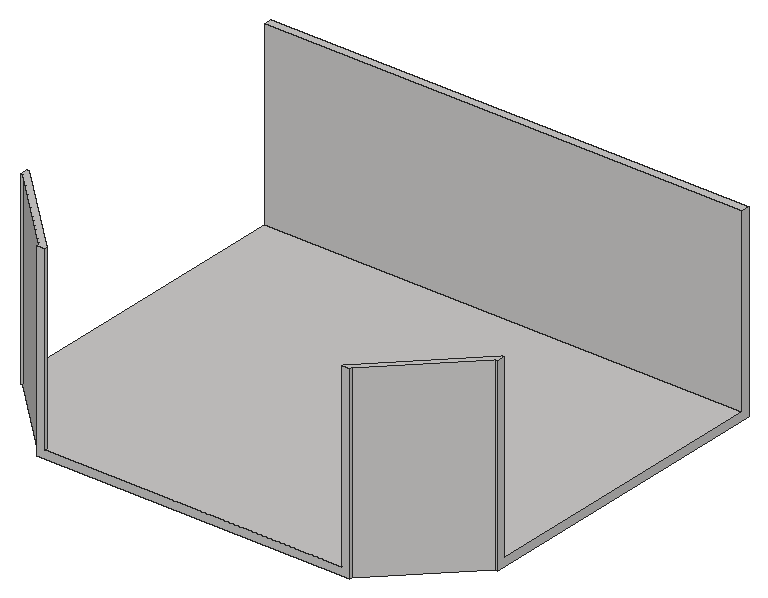
Revit family "Cable_Tray_Fitting-Solid_Tray-OBO_Bettermann-Channel_Horizontal_Tee-MKS", category Cable Tray Fittings, Revit 2012
Parameters (values of type "Hot Dipped Galvanised")
  URL = "http://www.obo-bettermann.com/"
  Tray Connector 3 Location [instance] = if(Tray Width 3 > 399.9 mm, (Tray Width 3 / 2) + 255 mm, (Tray Width 3 / 2) + 26.2 mm)  # 76.2 mm
  Tray Connector2 Location [instance] = if(Tray Width 1 > 399.9 mm, (Tray Width 1 / 2) + 255 mm, (Tray Width 1 / 2) + 26.2 mm)  # 76.2 mm
  Tray Connector 1 Location [instance] = if(Tray Width 1 > 399.9 mm, (Tray Width 1 / 2) + 255 mm, (Tray Width 1 / 2) + 26.2 mm)  # 76.2 mm
  Tray Width 3 [instance] = 100 mm
  Tray Width 1 [instance] = 100 mm
  Tray Length [instance] = 0.794 mm
  Tray Height [instance] = 60 mm
  built-in parameter 1140111 [instance] = 2.58 mm
  Small Tray Tee [instance] = not(Large Tray Tee)  # yes
  Radius = 25.4 mm
  Product Page URL = "http://catalog2.obo-bettermann.com/catalogue/catalogue.do?favOid=kts_315277&act=showIO&lang=en&action=start&catId=KTS&forward=showSolutionView"
  Product Documentation Link = ""
  Pre Galvanized = no
  Model = "MKS"
  Manufacturer = "OBO Bettermann"
  Large Tray Tee [instance] = (Tray Width 1 > 399.9 mm)  # no
  Description = "Solid Cable tray"
  Connector Description 3 = "Connector for Cable Tray 3"  # constant formula
  Connector Description 2 = "Connector for Cable Tray 2"  # constant formula
  Connector Description = "Connector for Cable Tray 1"  # constant formula
  Classification = "Refer to online catalog for UL and cUL classifed sizes and wire sizes."
  Cable Tray Material = Metal - OBO Bettermann - Hot-Dipped-Galvanised
  Assembly Code = "D5030600"
Types (2, lengths in mm): name | Tray Connector 3 Location | Tray Connector2 Location | Tray Connector 1 Location | Tray Width 3 | Tray Width 1 | Cable Tray Material
  Stripped Galvanised | 126.2 | 126.2 | 126.2 | 200 | 200 | Metal - OBO Bettermann - Strip-Galvanised
  Hot Dipped Galvanised | 76.2 | 76.2 | 76.2 | 100 | 100 | Metal - OBO Bettermann - Hot-Dipped-Galvanised
Reference planes
  plane 1 "Center (Front/Back)": y = 0
  plane 2: z = 0
  plane 3 "Center (Left/Right)": x = 0
  plane 4: y = 50
  plane 5: y = -50
  plane 6: z = 30
  plane 7: z = -30
  plane 8: y = -75.4
  plane 9: x = -50
  plane 10: x = 50
  plane 11: x = -75.4
  plane 12: x = 75.4
  plane 13: y = -47.42
  plane 14: y = 47.42
  plane 15: y = -76.194
  plane 16: x = -47.42
  plane 17: x = 47.42
  plane 18: x = -76.194
  plane 19: x = 76.194
  plane 20: z = -27.42
  plane 21 "Tray Connector Left": x = -76.2
  plane 22 "Tray Connector Right": x = 76.2
  plane 23 "Tray Connector Branch": y = -76.2
Lines and regions (mm)
  model lines, style "Coarse View", detail levels coarse
    curve 1: line (-76.194, 0, 0) -> (76.194, 0, 0)
    curve 2: line (0, 0, 0) -> (0, -76.194, 0)
Dimensions and locks
  equal spacing: plane 4, plane 1 "Center (Front/Back)", plane 5
  "Tray Width 1": plane 4 to plane 5
  equal spacing: plane 6, plane 2, plane 7
  "Tray Height": plane 6 to plane 7
  plane 5 to plane 8 = 25.4 mm
  equal spacing: plane 9, plane 3 "Center (Left/Right)", plane 10
  "Tray Width 3": plane 9 to plane 10
  plane 11 to plane 9 = 25.4 mm
  plane 10 to plane 12 = 25.4 mm
  "built-in parameter 1140111": plane 13 to plane 5
  "built-in parameter 1140111": plane 4 to plane 14
  "Tray Length": plane 8 to plane 15
  "built-in parameter 1140111": plane 9 to plane 16
  "built-in parameter 1140111": plane 17 to plane 10
  "Tray Length": plane 18 to plane 11
  "Tray Length": plane 12 to plane 19
  "built-in parameter 1140111": plane 20 to plane 7
  "Tray Connector2 Location": plane 3 "Center (Left/Right)" to plane 22 "Tray Connector Right"
  "Tray Connector 3 Location": plane 23 "Tray Connector Branch" to plane 1 "Center (Front/Back)"
  "Tray Connector 1 Location": plane 21 "Tray Connector Left" to plane 3 "Center (Left/Right)"
  aligned and locked: plane 19 to curve 1
  aligned and locked: plane 18 to curve 1
  aligned and locked: plane 1 "Center (Front/Back)" to curve 1
  aligned and locked: plane 15 to curve 2
  aligned and locked: plane 1 "Center (Front/Back)" to curve 2
  aligned and locked: curve 2 to plane 3 "Center (Left/Right)"
  aligned and locked: plane 4 to nested 1
  aligned and locked: nested 1 to plane 5
  aligned and locked: nested 1 to plane 9
  aligned and locked: plane 10 to nested 1
  aligned and locked: plane 4 to nested 2
  aligned and locked: nested 2 to plane 18
  aligned and locked: plane 19 to nested 2
Nested families
  nested 1: "Cable_Tray_Fitting-Solid_Tray-OBO_Bettermann-Channel_Horizontal_Tee_400-600-MKS" at (0, 0, 0), Tray Width 3 <- "Tray Width 1", Tray Width 1 <- "Tray Width 1", Tray Height <- "Tray Height", visible <- "Large Tray Tee", built-in parameter 1140111 <- "built-in parameter 1140111", type "Stripped Galvanised"
    with Tray Width Overall 610 mm, Tray Width 3 100 mm, Tray Width 1 100 mm, Tray Height 60 mm, built-in parameter 1140111 2.58 mm
  nested 2: "Cable_Tray_Fitting-Solid_Tray-OBO_Bettermann-Channel_Horizontal_Tee_100-300-MKS" at (0, 0, 0), Tray Width 3 <- "Tray Width 3", Tray Width 1 <- "Tray Width 1", Tray Height <- "Tray Height", built-in parameter 1140111 <- "built-in parameter 1140111", visible <- "Small Tray Tee", type "Stripped Galvanised"
    with Tray Width 3 100 mm, Tray Width 1 100 mm, Tray Length 0.794 mm, Tray Height 60 mm, built-in parameter 1140111 2.58 mm, Radius Label 1 27.98 mm, Radius Label 25.4 mm
Connectors
  cabletrayconduit at (76.2, 0, 0), driven by "Tray Width 1", driven by "Tray Height", driven by "Connector Description 2"
    settings: index 1, connector width 100 mm, connector height 60 mm, connector radius 300 mm, connector angle 0.00°, system type 32, placement type 0, profile type 1, connector reference index -1, is primary connector yes, connector utility param no, connector description "Connector for Cable Tray 2"
  cabletrayconduit at (-76.2, 0, 0), driven by "Tray Height", driven by "Tray Width 1", driven by "Connector Description"
    settings: index 2, connector width 100 mm, connector height 60 mm, connector radius 300 mm, connector angle 0.00°, system type 32, placement type 0, profile type 1, connector reference index -1, is primary connector no, connector utility param no, connector description "Connector for Cable Tray 1"
  cabletrayconduit at (0, -76.2, 0), driven by "Tray Width 3", driven by "Tray Height", driven by "Connector Description 3"
    settings: index 3, connector width 100 mm, connector height 60 mm, connector radius 300 mm, connector angle 0.00°, system type 32, placement type 0, profile type 1, connector reference index -1, is primary connector no, connector utility param no, connector description "Connector for Cable Tray 3"
Definition of nested family "Cable_Tray_Fitting-Solid_Tray-OBO_Bettermann-Channel_Horizontal_Tee_400-600-MKS"
  Parameters (values of type "Stripped Galvanised")
    URL = "http://www.obo-bettermann.com/"
    Tray Width Overall [instance] = Tray Width 3 + 510 mm  # 910 mm
    Tray Width 3 [instance] = 400 mm
    Tray Width 1 [instance] = 400 mm
    Tray Height [instance] = 60 mm
    built-in parameter 1140111 [instance] = 2.58 mm
    Radius Label 1 = Radius Label + 2.6 mm  # 152.6 mm
    Radius Label = 150 mm
    Product Page URL = "http://catalog2.obo-bettermann.com/catalogue/catalogue.do?favOid=kts_315277&act=showIO&lang=en&action=start&catId=KTS&forward=showSolutionView"
    Product Documentation Link = ""
    Pre Galvanized = no
    Model = "MKS"
    Manufacturer = "OBO Bettermann"
    Description = "Cable tray"
    Connector Description 3 = "Connector for Cable Tray 3"  # constant formula
    Connector Description 2 = "Connector for Cable Tray 2"  # constant formula
    Connector Description = "Connector for Cable Tray 1"  # constant formula
    Classification = "Refer to nline catalog for UL and cUL classifed sizes and wire sizes."
    Cable Tray Material = Metal - OBO Bettermann - Strip-Galvanised
    Assembly Code = "D5030600"
  Types (2, lengths in mm): name | Tray Width Overall | Tray Width 3 | Tray Width 1 | Cable Tray Material
    Stripped Galvanised | 910 | 400 | 400 | Metal - OBO Bettermann - Strip-Galvanised
    Steel | 610 | 100 | 100 | Metal - OBO Bettermann - Hot-Dipped-Galvanised
  Reference planes
    plane 1 "Center (Front/Back)": y = 0
    plane 2: z = 0
    plane 3 "Center (Left/Right)": x = 0
    plane 4: y = 200
    plane 5: y = -200
    plane 6: z = 30
    plane 7: z = -30
    plane 8: x = -200
    plane 9: x = 200
    plane 10: y = -197.42
    plane 11: y = 197.42
    plane 12: y = -455
    plane 13: x = -197.42
    plane 14: x = 197.42
    plane 15: z = -27.42
    plane 16: x = -455
    plane 17: x = 455
  Forms (mm)
    Extrusion 1, solid, material "Metal - OBO Bettermann - Strip-Galvanised" <- "Cable Tray Material", detail levels fine
      sketch origin (0, 0, 0) x (1, 0, 0) y (0, 1, 0)
        loop
          line (-455, -197.42) -> (-455, -200) -> (-350, -200)
          arc (-350, -200) -> (-243.934, -243.934) -> (-200, -350) r 150
          line (-200, -350) -> (-200, -455) -> (-197.42, -455) -> (-197.42, -347.51)
          arc (-197.42, -347.51) -> (-242.096, -242.096) -> (-347.51, -197.42) r 152.6
          line (-347.51, -197.42) -> (-455, -197.42)
        loop
          line (350, -200) -> (455, -200) -> (455, -197.42) -> (347.51, -197.42)
          arc (347.51, -197.42) -> (242.096, -242.096) -> (197.42, -347.51) r 152.6
          line (197.42, -347.51) -> (197.42, -455) -> (200, -455) -> (200, -350)
          arc (200, -350) -> (243.934, -243.934) -> (350, -200) r 150
        loop
          line (-455, 200) -> (-455, 197.42) -> (455, 197.42) -> (455, 200) -> (-455, 200)
      from -30 to 30
    Extrusion 2, solid, material "Metal - OBO Bettermann - Strip-Galvanised" <- "Cable Tray Material", detail levels fine
      sketch origin (0, 0, 0) x (1, 0, 0) y (0, 1, 0)
        loop
          line (-455, -200) -> (-350, -200)
          arc (-350, -200) -> (-243.934, -243.934) -> (-200, -350) r 150
          line (-200, -350) -> (-200, -455) -> (200, -455) -> (200, -350)
          arc (200, -350) -> (243.934, -243.934) -> (350, -200) r 150
          line (350, -200) -> (455, -200) -> (455, 200) -> (-455, 200) -> (-455, -200)
      from -30 to -27.42
    Extrusion 3, solid, material "Metal - OBO Bettermann - Strip-Galvanised" <- "Cable Tray Material", detail levels medium
      sketch origin (0, 0, 0) x (1, 0, 0) y (0, 1, 0)
        loop
          line (-455, 200) -> (-455, -200) -> (-350, -200)
          arc (-350, -200) -> (-243.934, -243.934) -> (-200, -350) r 150
          line (-200, -350) -> (-200, -455) -> (200, -455) -> (200, -350)
          arc (200, -350) -> (243.934, -243.934) -> (350, -200) r 150
          line (350, -200) -> (455, -200) -> (455, 200) -> (-455, 200)
      from -30 to 30
  Cuts and joins
    joined: Extrusion 1, Extrusion 2
  Lines and regions (mm)
    model lines, style "Coarse View", detail levels coarse
      curve 1: line (-380, 0, 0) -> (350, 0, 0)
      curve 2: line (0, 0, 0) -> (0, -455, 0)
  Dimensions and locks
    equal spacing: plane 4, plane 1 "Center (Front/Back)", plane 5
    "Tray Width 1": plane 4 to plane 5
    equal spacing: plane 6, plane 2, plane 7
    "Tray Height": plane 6 to plane 7
    equal spacing: plane 8, plane 3 "Center (Left/Right)", plane 9  (x2)
    "Tray Width 3": plane 8 to plane 9
    "built-in parameter 1140111": plane 10 to plane 5
    "built-in parameter 1140111": plane 4 to plane 11
    locked: plane 5 to plane 12 at 255
    "built-in parameter 1140111": plane 8 to plane 13
    "built-in parameter 1140111": plane 14 to plane 9
    "built-in parameter 1140111": plane 15 to plane 7
    locked: plane 16 to plane 8 at 255
    locked: plane 9 to plane 17 at 255
    equal spacing: plane 16, plane 3 "Center (Left/Right)", plane 17
    "Radius Label": radius of Extrusion 3 sketch curve  (x2)
    "Radius Label": radius of Extrusion 1 sketch curve  (x2)
    "Radius Label 1": radius of Extrusion 1 sketch curve  (x2)
    "Radius Label": radius of Extrusion 2 sketch curve  (x2)
    aligned and locked: Extrusion 1 sketch curve to plane 10
    aligned and locked: Extrusion 1 sketch curve to plane 5
    aligned and locked: Extrusion 1 sketch curve to plane 8
    aligned and locked: plane 12 to Extrusion 1 sketch curve  (x2)
    aligned and locked: Extrusion 1 sketch curve to plane 13
    aligned and locked: plane 13 to Extrusion 1 sketch curve
    aligned and locked: plane 8 to Extrusion 1 sketch curve
    aligned and locked: Extrusion 1 sketch curve to plane 12  (x2)
    aligned and locked: Extrusion 1 to plane 7
    aligned and locked: plane 6 to Extrusion 1
    aligned and locked: plane 5 to Extrusion 1 sketch curve
    aligned and locked: plane 10 to Extrusion 1 sketch curve
    aligned and locked: Extrusion 1 sketch curve to plane 14
    aligned and locked: Extrusion 1 sketch curve to plane 9
    aligned and locked: plane 9 to Extrusion 1 sketch curve
    aligned and locked: plane 14 to Extrusion 1 sketch curve
    aligned and locked: plane 11 to Extrusion 1 sketch curve
    aligned and locked: Extrusion 1 sketch curve to plane 4
    aligned and locked: Extrusion 2 sketch curve to plane 5
    aligned and locked: Extrusion 2 sketch curve to plane 4
    aligned and locked: plane 4 to Extrusion 2 sketch curve
    aligned and locked: plane 5 to Extrusion 2 sketch curve
    aligned and locked: plane 12 to Extrusion 2 sketch curve
    aligned and locked: plane 9 to Extrusion 2 sketch curve
    aligned and locked: plane 8 to Extrusion 2 sketch curve
    aligned and locked: Extrusion 2 sketch curve to plane 12
    aligned and locked: Extrusion 2 to plane 7
    aligned and locked: plane 15 to Extrusion 2
    aligned and locked: Extrusion 3 sketch curve to plane 5  (x2)
    aligned and locked: plane 4 to Extrusion 3 sketch curve  (x2)
    aligned and locked: plane 5 to Extrusion 3 sketch curve
    aligned and locked: plane 12 to Extrusion 3 sketch curve
    aligned and locked: Extrusion 3 sketch curve to plane 9
    aligned and locked: plane 9 to Extrusion 3 sketch curve
    aligned and locked: plane 8 to Extrusion 3 sketch curve
    aligned and locked: Extrusion 3 sketch curve to plane 12
    aligned and locked: Extrusion 3 to plane 7
    aligned and locked: plane 6 to Extrusion 3
    aligned and locked: plane 1 "Center (Front/Back)" to curve 1
    aligned and locked: plane 12 to curve 2
    aligned and locked: plane 1 "Center (Front/Back)" to curve 2
    aligned and locked: curve 2 to plane 3 "Center (Left/Right)"
    aligned and locked: plane 16 to Extrusion 3
    aligned and locked: plane 16 to cut or joined group of Extrusion 1, Extrusion 2
    aligned and locked: plane 17 to Extrusion 3
    aligned and locked: cut or joined group of Extrusion 1, Extrusion 2 to Extrusion 3
  Automatic sketch dimensions
    Extrusion 1 sketch curve to Extrusion 1 sketch curve = 0 mm  (x4)
    Extrusion 1 sketch curve to Extrusion 1 sketch curve = 105 mm  (x2)
    Extrusion 1 sketch curve to plane 8 = 255 mm
    Extrusion 2 sketch curve to Extrusion 2 sketch curve = 105 mm  (x2)
    Extrusion 3 sketch curve to plane 8 = 255 mm
    plane 9 to Extrusion 1 sketch curve = 255 mm
    plane 9 to Extrusion 3 sketch curve = 255 mm
    curve 1 to plane 16 = 75 mm
    plane 17 to curve 1 = 105 mm
  Connectors
    cabletrayconduit at (-455, 0, 0), driven by "Tray Height", driven by "Tray Width 1", driven by "Connector Description"
      settings: on Extrusion 3, index 1, connector width 400 mm, connector height 60 mm, connector radius 304.8 mm, connector angle 0.00°, system type 32, placement type 0, profile type 1, connector reference index 2, is primary connector yes, connector utility param no, connector description "Connector for Cable Tray 1"
    cabletrayconduit at (455, 0, 0), driven by "Tray Height", driven by "Tray Width 1", driven by "Connector Description 2"
      settings: on Extrusion 3, index 2, connector width 400 mm, connector height 60 mm, connector radius 304.8 mm, connector angle 0.00°, system type 32, placement type 0, profile type 1, connector reference index 1, is primary connector no, connector utility param no, connector description "Connector for Cable Tray 2"
    cabletrayconduit at (0, -455, 0), driven by "Tray Height", driven by "Tray Width 3", driven by "Connector Description 3"
      settings: on Extrusion 3, index 3, connector width 400 mm, connector height 60 mm, connector radius 304.8 mm, connector angle 0.00°, system type 32, placement type 0, profile type 1, connector reference index -1, is primary connector no, connector utility param no, connector description "Connector for Cable Tray 3"
Definition of nested family "Cable_Tray_Fitting-Solid_Tray-OBO_Bettermann-Channel_Horizontal_Tee_100-300-MKS"
  Parameters (values of type "Stripped Galvanised")
    URL = "http://www.obo-bettermann.com/"
    Tray Width 3 [instance] = 100 mm
    Tray Width 1 [instance] = 100 mm
    Tray Length [instance] = 0.794 mm
    Tray Height [instance] = 60 mm
    built-in parameter 1140111 [instance] = 2.58 mm
    Radius Label 1 [instance] = Radius Label + [built-in parameter 1140111]  # 27.98 mm
    Radius Label [instance] = Radius  # 25.4 mm
    Radius = 25.4 mm
    Product Page URL = "http://catalog2.obo-bettermann.com/catalogue/catalogue.do?favOid=kts_315277&act=showIO&lang=en&action=start&catId=KTS&forward=showSolutionView"
    Product Documentation Link = ""
    Pre Galvanized = no
    Model = "MKS"
    Manufacturer = "OBO Bettermann"
    Description = "Cable tray"
    Connector Description 3 = "Connector for Cable Tray 3"  # constant formula
    Connector Description 2 = "Connector for Cable Tray 2"  # constant formula
    Connector Description = "Connector for Cable Tray 1"  # constant formula
    Classification = "Refer to nline catalog for UL and cUL classifed sizes and wire sizes."
    Cable Tray Material = Metal - OBO Bettermann - Strip-Galvanised
    Assembly Code = "D5030600"
  Types (2, lengths in mm): name | Cable Tray Material
    Stripped Galvanised | Metal - OBO Bettermann - Strip-Galvanised
    Steel | Metal - OBO Bettermann - Hot-Dipped-Galvanised
  Reference planes
    plane 1 "Center (Front/Back)": y = 0
    plane 2: z = 0
    plane 3 "Center (Left/Right)": x = 0
    plane 4: y = 50
    plane 5: y = -50
    plane 6: z = 30
    plane 7: z = -30
    plane 8: y = -75.4
    plane 9: x = -50
    plane 10: x = 50
    plane 11: x = -75.4
    plane 12: x = 75.4
    plane 13: y = -47.42
    plane 14: y = 47.42
    plane 15: y = -76.194
    plane 16: x = -47.42
    plane 17: x = 47.42
    plane 18: x = -76.194
    plane 19: x = 76.194
    plane 20: z = -27.42
  Forms (mm)
    Extrusion 1, solid, material "Metal - OBO Bettermann - Strip-Galvanised" <- "Cable Tray Material", detail levels fine
      sketch origin (0, 0, 0) x (1, 0, 0) y (0, 1, 0)
        loop
          line (-76.194, -47.42) -> (-76.194, -50) -> (-75.4, -50) -> (-50, -75.4) -> (-50, -76.194) -> (-47.42, -76.194) -> (-47.42, -75.4) -> (-75.4, -47.42) -> (-76.194, -47.42)
        loop
          line (75.4, -50) -> (76.194, -50) -> (76.194, -47.42) -> (75.4, -47.42) -> (47.42, -75.4) -> (47.42, -76.194) -> (50, -76.194) -> (50, -75.4) -> (75.4, -50)
        loop
          line (-76.194, 50) -> (-76.194, 47.42) -> (76.194, 47.42) -> (76.194, 50) -> (-76.194, 50)
      from -30 to 30
    Extrusion 2, solid, material "Metal - OBO Bettermann - Strip-Galvanised" <- "Cable Tray Material", detail levels fine
      sketch origin (0, 0, 0) x (1, 0, 0) y (0, 1, 0)
        loop
          line (-76.194, -50) -> (-75.4, -50) -> (-50, -75.4) -> (-50, -76.194) -> (50, -76.194) -> (50, -75.4) -> (75.4, -50) -> (76.194, -50) -> (76.194, 50) -> (-76.194, 50) -> (-76.194, -50)
      from -30 to -27.42
    Extrusion 3, solid, material "Metal - OBO Bettermann - Strip-Galvanised" <- "Cable Tray Material", detail levels medium
      sketch origin (0, 0, 0) x (1, 0, 0) y (0, 1, 0)
        loop
          line (-76.194, 50) -> (-76.194, -50) -> (-75.4, -50) -> (-50, -75.4) -> (-50, -76.194) -> (50, -76.194) -> (50, -75.4) -> (75.4, -50) -> (76.194, -50) -> (76.194, 50) -> (-76.194, 50)
      from -30 to 30
  Cuts and joins
    joined: Extrusion 1, Extrusion 2
  Lines and regions (mm)
    model lines, style "Coarse View", detail levels coarse
      curve 1: line (-76.194, 0, 0) -> (76.194, 0, 0)
      curve 2: line (0, 0, 0) -> (0, -76.194, 0)
  Dimensions and locks
    equal spacing: plane 4, plane 1 "Center (Front/Back)", plane 5
    "Tray Width 1": plane 4 to plane 5
    equal spacing: plane 6, plane 2, plane 7
    "Tray Height": plane 6 to plane 7
    "Radius Label": plane 5 to plane 8
    equal spacing: plane 9, plane 3 "Center (Left/Right)", plane 10
    "Tray Width 3": plane 9 to plane 10
    "Radius Label": plane 11 to plane 9
    "Radius Label": plane 10 to plane 12
    "built-in parameter 1140111": plane 13 to plane 5
    "built-in parameter 1140111": plane 4 to plane 14
    "Tray Length": plane 8 to plane 15
    "built-in parameter 1140111": plane 9 to plane 16
    "built-in parameter 1140111": plane 17 to plane 10
    "Tray Length": plane 18 to plane 11
    "Tray Length": plane 12 to plane 19
    "built-in parameter 1140111": plane 20 to plane 7
    aligned and locked: plane 11 to Extrusion 1 sketch curve  (x2)
    aligned and locked: Extrusion 1 sketch curve to plane 13
    aligned and locked: plane 18 to Extrusion 1 sketch curve  (x2)
    aligned and locked: Extrusion 1 sketch curve to plane 5
    aligned and locked: plane 8 to Extrusion 1 sketch curve  (x4)
    aligned and locked: Extrusion 1 sketch curve to plane 9
    aligned and locked: plane 15 to Extrusion 1 sketch curve  (x2)
    aligned and locked: Extrusion 1 sketch curve to plane 16
    aligned and locked: plane 16 to Extrusion 1 sketch curve
    aligned and locked: plane 9 to Extrusion 1 sketch curve
    aligned and locked: Extrusion 1 sketch curve to plane 15  (x2)
    aligned and locked: Extrusion 1 sketch curve to plane 18
    aligned and locked: Extrusion 1 to plane 7
    aligned and locked: plane 6 to Extrusion 1
    aligned and locked: plane 12 to Extrusion 1 sketch curve  (x2)
    aligned and locked: plane 19 to Extrusion 1 sketch curve
    aligned and locked: plane 5 to Extrusion 1 sketch curve
    aligned and locked: plane 13 to Extrusion 1 sketch curve
    aligned and locked: Extrusion 1 sketch curve to plane 19  (x2)
    aligned and locked: Extrusion 1 sketch curve to plane 17
    aligned and locked: Extrusion 1 sketch curve to plane 10
    aligned and locked: plane 10 to Extrusion 1 sketch curve
    aligned and locked: plane 17 to Extrusion 1 sketch curve
    aligned and locked: plane 14 to Extrusion 1 sketch curve
    aligned and locked: Extrusion 1 sketch curve to plane 4
    aligned and locked: plane 18 to Extrusion 2 sketch curve
    aligned and locked: plane 11 to Extrusion 2 sketch curve
    aligned and locked: Extrusion 2 sketch curve to plane 5
    aligned and locked: Extrusion 2 sketch curve to plane 18
    aligned and locked: plane 19 to Extrusion 2 sketch curve  (x2)
    aligned and locked: Extrusion 2 sketch curve to plane 4
    aligned and locked: plane 4 to Extrusion 2 sketch curve
    aligned and locked: plane 5 to Extrusion 2 sketch curve
    aligned and locked: plane 12 to Extrusion 2 sketch curve
    aligned and locked: plane 15 to Extrusion 2 sketch curve
    aligned and locked: plane 8 to Extrusion 2 sketch curve
    aligned and locked: plane 10 to Extrusion 2 sketch curve
    aligned and locked: plane 9 to Extrusion 2 sketch curve
    aligned and locked: Extrusion 2 sketch curve to plane 15
    aligned and locked: Extrusion 2 to plane 7
    aligned and locked: plane 20 to Extrusion 2
    aligned and locked: plane 18 to Extrusion 3 sketch curve
    aligned and locked: plane 11 to Extrusion 3 sketch curve
    aligned and locked: Extrusion 3 sketch curve to plane 5  (x2)
    aligned and locked: plane 4 to Extrusion 3 sketch curve  (x2)
    aligned and locked: Extrusion 3 sketch curve to plane 18
    aligned and locked: plane 5 to Extrusion 3 sketch curve
    aligned and locked: Extrusion 3 sketch curve to plane 19
    aligned and locked: plane 12 to Extrusion 3 sketch curve
    aligned and locked: plane 19 to Extrusion 3 sketch curve
    aligned and locked: plane 15 to Extrusion 3 sketch curve
    aligned and locked: Extrusion 3 sketch curve to plane 10
    aligned and locked: plane 8 to Extrusion 3 sketch curve
    aligned and locked: plane 10 to Extrusion 3 sketch curve
    aligned and locked: plane 9 to Extrusion 3 sketch curve
    aligned and locked: Extrusion 3 sketch curve to plane 15
    aligned and locked: Extrusion 3 to plane 7
    aligned and locked: plane 6 to Extrusion 3
    aligned and locked: plane 19 to curve 1
    aligned and locked: plane 18 to curve 1
    aligned and locked: plane 1 "Center (Front/Back)" to curve 1
    aligned and locked: plane 15 to curve 2
    aligned and locked: plane 1 "Center (Front/Back)" to curve 2
    aligned and locked: curve 2 to plane 3 "Center (Left/Right)"
  Automatic sketch dimensions
    Extrusion 2 sketch curve to plane 8 = 0 mm
    Extrusion 3 sketch curve to plane 8 = 0 mm
  Connectors
    cabletrayconduit at (-76.194, 0, 0), driven by "Tray Height", driven by "Tray Width 1", driven by "Connector Description"
      settings: on Extrusion 3, index 1, connector width 100 mm, connector height 60 mm, connector radius 304.8 mm, connector angle 0.00°, system type 32, placement type 0, profile type 1, connector reference index 2, is primary connector yes, connector utility param no, connector description "Connector for Cable Tray 1"
    cabletrayconduit at (76.194, 0, 0), driven by "Tray Height", driven by "Tray Width 1", driven by "Connector Description 2"
      settings: on Extrusion 3, index 2, connector width 100 mm, connector height 60 mm, connector radius 304.8 mm, connector angle 0.00°, system type 32, placement type 0, profile type 1, connector reference index 1, is primary connector no, connector utility param no, connector description "Connector for Cable Tray 2"
    cabletrayconduit at (0, -76.194, 0), driven by "Tray Height", driven by "Tray Width 3", driven by "Connector Description 3"
      settings: on Extrusion 3, index 3, connector width 100 mm, connector height 60 mm, connector radius 304.8 mm, connector angle 0.00°, system type 32, placement type 0, profile type 1, connector reference index -1, is primary connector no, connector utility param no, connector description "Connector for Cable Tray 3"
